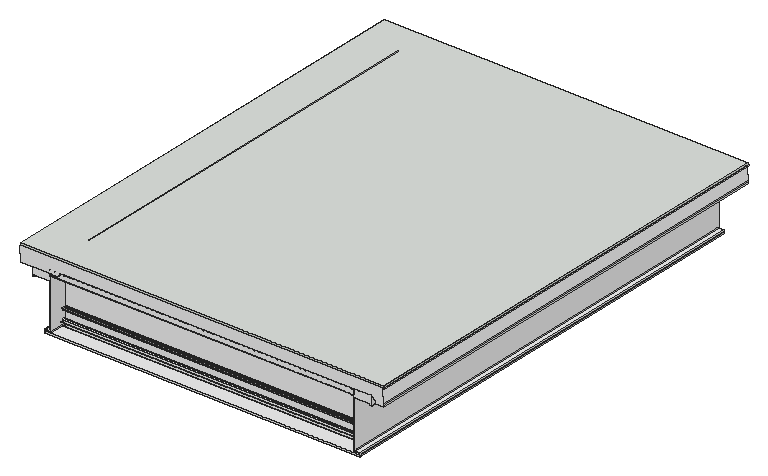
Revit family "Furniture-Mirrored_Cabinet-KOHLER-Verdera-K-99007", category Specialty Equipment, host Face, Revit 2015
Parameters (values of type "NA-Anondized Aluminum")
  Width = 24"  # constant formula
  Wall Cut Width [instance] = if(Recessed Installation, 22 1/2", 1")  # 22 1/2"
  Wall Cut Length [instance] = if(Recessed Installation, 3 11/16", 1")  # 3 11/16"
  Wall Cut Height [instance] = if(Recessed Installation, 28 1/4", 1")  # 28 1/4"
  URL = "https://www.us.kohler.com/us/"
  Type = 1
  Surface Panel [instance] = or(Surface Installation)  # no
  Surface Installation [instance] = not(Recessed Installation)  # no
  Recessed Installation [instance] = yes
  Product Page URL = "http://www.us.kohler.com/us/catalog/productDetails.jsp?productNumber=99007"
  Product Name = "Verdera"  # constant formula
  Product Documentation Link = "http://www.us.kohler.com/onlinecatalog/pdf/K-99007_spec.pdf"
  Mounting Depth [instance] = if(Recessed Installation, 0", 3 11/16")  # 0"
  Model = if(Type = 1, "K-99007-NA", if(Type = 2, "K-99007-SCF-NA", "NA"))  # "K-99007-NA"
  Material = "Anodized Aluminum Construction"  # constant formula
  MasterFormat 2004 = "10.28.13"  # constant formula
  MasterFormat 1995 = "10820"  # constant formula
  Manufacturer Address = "444 Highland Dr, Kohler, WI 53044"  # constant formula
  Manufacturer = "KOHLER Co."  # constant formula
  Length [instance] = if(Recessed Installation, 1 1/4", 4 3/4")  # 1 1/4"
  Height = 30"  # constant formula
  Finish = Kohler-Metal-NA-Anodized_Aluminum
  Environmental Product Declaration = ""
  Description = if(or(Type = 1), "24 inches W x 30 inches H aluminum medicine cabinet with adjustable magnifying mirror and slow-close door", if(or(Type = 2), "Aluminum medicine cabinet with adjustable flip-out flat mirror, 24 inches W x 30 inches H", "NA"))  # "24 inches W x 30 inches H aluminum medicine cabinet with adjustable magnifying mirror and slow-close door"
  Default Elevation = 42"
  Declare Label = ""
  Date Modified = "9/21/2018"  # constant formula
  Date Created = "MM/DD/YYYY"  # constant formula
  Copyright = "Copyright KOHLER Co."  # constant formula
  Contact Us = "https://www.us.kohler.com/us/static/contact.jsp"
  Assembly Code = "C1030200"
  ADA Compliant = 1 = 0  # no
Types (3): name | Type | Product Page URL | Product Documentation Link | Model | Description
  (no name) | 1 | "http://www.us.kohler.com/us/catalog/productDetails.jsp?productNumber=99007" | "http://www.us.kohler.com/onlinecatalog/pdf/K-99007_spec.pdf" | "K-99007-NA" | "24 inches W x 30 inches H aluminum medicine cabinet with adjustable magnifying mirror and slow-close door"
  NA-Anondized Aluminum | 1 | "http://www.us.kohler.com/us/catalog/productDetails.jsp?productNumber=99007" | "http://www.us.kohler.com/onlinecatalog/pdf/K-99007_spec.pdf" | "K-99007-NA" | "24 inches W x 30 inches H aluminum medicine cabinet with adjustable magnifying mirror and slow-close door"
  Flip out mirror, NA-Anondized Aluminum | 2 | "http://www.us.kohler.com/us/catalog/productDetails.jsp?productNumber=99007-SCF" | "http://www.us.kohler.com/onlinecatalog/pdf/K-99007-SCF_spec.pdf" | "K-99007-SCF-NA" | "Aluminum medicine cabinet with adjustable flip-out flat mirror, 24 inches W x 30 inches H"
Reference planes (in)
  plane 1 "Center (Front/Back)": y = 0
  plane 2: z = 0
  plane 3 "Center (Left/Right)": x = 0
  plane 4: y = 15
  plane 5: y = -15
  plane 6: x = -11.99882
  plane 7: x = 12.00118
  plane 8: x = -0.5
  plane 9: x = -11.25
  plane 10: x = 11.25
  plane 11: y = 14.125
  plane 12: y = -14.125
  plane 13: z = 0
  plane 14: z = -3.6875
  plane 15: z = 1.25
  plane 16: z = 0
Forms (in)
  Extrusion 1, void
    sketch origin (0, 0, 0) x (1, 0, 0) y (0, 1, 0)
      loop
        line (-11.25, 14.125) -> (-11.25, -14.125) -> (11.25, -14.125) -> (11.25, 14.125) -> (-11.25, 14.125)
    from -3.6875 to 0
Dimensions and locks (in)
  "Height": plane 4 to plane 5
  "Width": plane 6 to plane 7
  "Mounting Depth": plane 13 to level
  "Wall Cut Length": level to plane 14
  equal spacing: plane 9, plane 3 "Center (Left/Right)", plane 10
  "Wall Cut Width": plane 9 to plane 10
  "Length": level to plane 15
  equal spacing: plane 11, plane 1 "Center (Front/Back)", plane 12
  "Wall Cut Height": plane 12 to plane 11
  plane 15 to level = 1 1/4"
  plane 15 to plane 13 = 1 1/4"
  plane 16 to plane 15 = 1 1/4"
  aligned and locked: plane 2 to host face
  aligned and locked: level to host face
  aligned and locked: Extrusion 1 sketch curve to plane 12
  aligned and locked: plane 10 to Extrusion 1 sketch curve
  aligned and locked: plane 9 to Extrusion 1 sketch curve
  aligned and locked: Extrusion 1 sketch curve to plane 11
  aligned and locked: plane 15 to nested 1
Automatic sketch dimensions
  host sketch curve to host sketch curve = 96"  (x2)
Nested families (in)
  nested 1: "K-99007" at (0.00118, 0, -3.5), type "K-99003-SCF"
    with Mounting Depth 3 11/16"
Definition of nested family "K-99007"
  Parameters (values of type "K-99003-SCF")
    Surface Panel = yes
    Recessed Installation = yes
    Mounting Depth [instance] = if(Recessed Installation, 3 11/16", 0")  # 3 11/16"
    Mirror Material = none
    Material = none
  Reference planes (in)
    plane 1 "Center (Front/Back)": y = 0
    plane 2: z = 0
    plane 3 "Center (Left/Right)": x = 0
    plane 4: z = 0
    plane 5 "C": z = 4.75
    plane 6: x = -12
    plane 7: y = 15
    plane 8: x = -11.1875
    plane 9: x = 11.1875
    plane 10: z = 3.6875
    plane 11: x = 12
    plane 12: z = 3.5
  Forms (in)
    Extrusion 1, solid, material <- "Mirror Material", detail levels medium+fine
      sketch origin (0, 0, -0.4375) x (-1, 0, 0) y (0, 0, 1)
        loop
          line (-12, 5.17186) -> (-12, 5.08186) -> (-11.97294, 5.06686) -> (11.97294, 5.06686) -> (12, 5.08186) -> (12, 5.17186) -> (11.97178, 5.1875) -> (-11.97178, 5.1875) -> (-12, 5.17186)
      from -15 to 15
    Extrusion 2, solid, material <- "Material", detail levels medium+fine
      sketch origin (0, 0, -0.4375) x (-1, 0, 0) y (0, 0, 1)
        loop
          line (-12, 5.04422) -> (-12, 5.01022)
          arc (-12, 5.01022) -> (-11.98702, 5.00142) -> (-11.97211, 4.99654) r 0.05645
          line (-11.97211, 4.99654) -> (-11.92163, 4.98139)
          arc (-11.92163, 4.98139) -> (-11.88993, 4.95859) -> (-11.87899, 4.92111) r 0.05994
          arc (-11.87899, 4.92111) -> (-11.91797, 4.51003) -> (-11.99508, 4.10438) r 4.4261
          arc (-11.99508, 4.10438) -> (-11.9985, 4.07294) -> (-11.97972, 4.0475) r 0.04349
          line (-11.97972, 4.0475) -> (-11.94819, 4.0475) -> (-11.94819, 4.01616)
          arc (-11.94819, 4.01616) -> (-11.94671, 3.97672) -> (-11.94229, 3.9375) r 0.52684
          line (-11.94229, 3.9375) -> (-11.45421, 3.9375)
          arc (-11.45421, 3.9375) -> (-11.44979, 3.97672) -> (-11.44831, 4.01616) r 0.52684
          line (-11.44831, 4.01616) -> (-11.44831, 4.0475)
          arc (-11.44831, 4.0475) -> (-11.43111, 4.04999) -> (-11.41603, 4.05861) r 0.04657
          line (-11.41603, 4.05861) -> (-11.07773, 4.30563)
          arc (-11.07773, 4.30563) -> (-11.06288, 4.3097) -> (-11.04781, 4.31286) r 0.25083
          line (-11.04781, 4.31286) -> (9.2602, 4.31286)
          arc (9.2602, 4.31286) -> (9.27536, 4.30945) -> (9.28993, 4.30407) r 0.11699
          line (9.28993, 4.30407) -> (9.51069, 4.08331)
          arc (9.51069, 4.08331) -> (9.52263, 4.07198) -> (9.53857, 4.06786) r 0.03288
          line (9.53857, 4.06786) -> (11.97, 4.06786)
          arc (11.97, 4.06786) -> (11.99121, 4.07665) -> (12, 4.09786) r 0.03
          line (12, 4.09786) -> (12, 5.04256)
          arc (12, 5.04256) -> (11.98767, 5.0534) -> (11.97179, 5.05756) r 0.03565
          arc (11.97179, 5.05756) -> (11.95406, 5.06079) -> (11.93709, 5.06686) r 0.11032
          line (11.93709, 5.06686) -> (-11.93834, 5.06686)
          arc (-11.93834, 5.06686) -> (-11.95531, 5.06079) -> (-11.97304, 5.05756) r 0.11032
          arc (-11.97304, 5.05756) -> (-11.988, 5.05387) -> (-12, 5.04422) r 0.03565
      from -15 to 15
    Extrusion 3, solid, material <- "Material", detail levels coarse
      sketch origin (0, 0, 0) x (1, 0, 0) y (0, 1, 0)
        loop
          line (-12, -15) -> (12, -15) -> (12, 15) -> (-12, 15) -> (-12, -15)
      from 0 to 4.60506
    Extrusion 4, solid, material <- "Material", detail levels medium+fine
      sketch origin (5.76081, 0, 0.00003) x (-1, 0, 0) y (0, 0, -1)
        loop
          arc (16.8534, -3.12281) -> (16.83943, -3.1286) -> (16.83365, -3.14256) r 0.01975
          line (16.83365, -3.14256) -> (16.83365, -3.17481)
          arc (16.83365, -3.17481) -> (16.84109, -3.18854) -> (16.85665, -3.18981) r 0.01639
          arc (16.85665, -3.18981) -> (16.87153, -3.19952) -> (16.85665, -3.20922) r 0.0106
          line (16.85665, -3.20922) -> (15.83595, -3.20922)
          arc (15.83595, -3.20922) -> (15.82208, -3.20347) -> (15.81634, -3.1896) r 0.01962
          line (15.81634, -3.1896) -> (15.81634, -0.22884) -> (16.17571, -0.22884) -> (16.17571, -0.02757)
          arc (16.17571, -0.02757) -> (16.14811, 0.00003) -> (16.1205, -0.02757) r 0.02761
          line (16.1205, -0.02757) -> (16.1205, -0.16678)
          arc (16.1205, -0.16678) -> (16.11443, -0.18135) -> (16.09983, -0.1873) r 0.02052
          line (16.09983, -0.1873) -> (15.7825, -0.18484)
          arc (15.7825, -0.18484) -> (15.7625, -0.16484) -> (15.7425, -0.18484) r 0.02
          line (15.7425, -0.18484) -> (15.7425, -3.63031) -> (16.92836, -3.63031)
          arc (16.92836, -3.63031) -> (16.94242, -3.62448) -> (16.94824, -3.61042) r 0.01988
          line (16.94824, -3.61042) -> (16.94824, -3.14253)
          arc (16.94824, -3.14253) -> (16.94247, -3.12859) -> (16.92852, -3.12281) r 0.01972
          line (16.92852, -3.12281) -> (16.8534, -3.12281)
        loop
          line (-5.33178, -3.27906) -> (-5.40691, -3.27906)
          arc (-5.40691, -3.27906) -> (-5.42085, -3.28484) -> (-5.42663, -3.29878) r 0.01972
          line (-5.42663, -3.29878) -> (-5.42663, -3.78799) -> (-5.31692, -3.86809)
          arc (-5.31692, -3.86809) -> (-5.30207, -3.87217) -> (-5.287, -3.87533) r 0.25083
          line (-5.287, -3.87533) -> (-4.22089, -3.87533) -> (-4.22089, -0.18484)
          arc (-4.22089, -0.18484) -> (-4.24089, -0.16484) -> (-4.26089, -0.18484) r 0.02
          line (-4.26089, -0.18484) -> (-4.57821, -0.1873)
          arc (-4.57821, -0.1873) -> (-4.59282, -0.18135) -> (-4.59889, -0.16678) r 0.02052
          line (-4.59889, -0.16678) -> (-4.59889, -0.02757)
          arc (-4.59889, -0.02757) -> (-4.62649, 0.00003) -> (-4.6541, -0.02757) r 0.02761
          line (-4.6541, -0.02757) -> (-4.6541, -0.22884) -> (-4.29472, -0.22884) -> (-4.29472, -3.34585)
          arc (-4.29472, -3.34585) -> (-4.30047, -3.35972) -> (-4.31434, -3.36547) r 0.01962
          line (-4.31434, -3.36547) -> (-5.33503, -3.36547)
          arc (-5.33503, -3.36547) -> (-5.34991, -3.35577) -> (-5.33503, -3.34606) r 0.0106
          arc (-5.33503, -3.34606) -> (-5.31947, -3.34479) -> (-5.31203, -3.33106) r 0.01639
          line (-5.31203, -3.33106) -> (-5.31203, -3.29881)
          arc (-5.31203, -3.29881) -> (-5.31782, -3.28485) -> (-5.33178, -3.27906) r 0.01975
      from -15 to 15
    Extrusion 5, solid, material <- "Material", detail levels medium+fine
      sketch origin (-0.02159, -0.03401, 0.00007) x (0, 1, 0) y (0, 0, 1)
        loop
          line (-14.06268, 0.56917) -> (-14.06268, 0.38789)
          arc (-14.06268, 0.38789) -> (-14.06111, 0.36911) -> (-14.04773, 0.35584) r 0.02726
          line (-14.04773, 0.35584) -> (-14.01073, 0.35563)
          arc (-14.01073, 0.35563) -> (-13.99761, 0.36649) -> (-13.99536, 0.38337) r 0.02334
          line (-13.99536, 0.38337) -> (-13.99536, 0.42312)
          arc (-13.99536, 0.42312) -> (-13.98944, 0.43718) -> (-13.97532, 0.44294) r 0.01993
          line (-13.97532, 0.44294) -> (-13.78763, 0.44189)
          arc (-13.78763, 0.44189) -> (-13.7741, 0.43425) -> (-13.76463, 0.42193) r 0.03888
          arc (-13.76463, 0.42193) -> (-13.74315, 0.38699) -> (-13.71529, 0.35689) r 0.21019
          arc (-13.71529, 0.35689) -> (-13.71123, 0.34022) -> (-13.72539, 0.33054) r 0.01508
          line (-13.72539, 0.33054) -> (-13.85945, 0.33129)
          arc (-13.85945, 0.33129) -> (-13.90227, 0.31383) -> (-13.9202, 0.27121) r 0.06042
          line (-13.9202, 0.27121) -> (-13.9211, 0.10981)
          arc (-13.9211, 0.10981) -> (-13.91912, 0.09119) -> (-13.90628, 0.07755) r 0.02937
          line (-13.90628, 0.07755) -> (-13.87476, 0.07737)
          arc (-13.87476, 0.07737) -> (-13.86025, 0.08329) -> (-13.85417, 0.09773) r 0.02047
          line (-13.85417, 0.09773) -> (-13.85336, 0.24319)
          arc (-13.85336, 0.24319) -> (-13.84711, 0.25805) -> (-13.83218, 0.26414) r 0.02106
          line (-13.83218, 0.26414) -> (-13.54153, 0.26251)
          arc (-13.54153, 0.26251) -> (-13.50258, 0.24251) -> (-13.46063, 0.25507) r 0.05864
          arc (-13.46063, 0.25507) -> (-13.47693, 0.30567) -> (-13.52326, 0.33172) r 0.07284
          arc (-13.52326, 0.33172) -> (-13.67768, 0.41572) -> (-13.73859, 0.58062) r 0.24991
          line (-13.73859, 0.58062) -> (-13.72035, 3.85172)
          arc (-13.72035, 3.85172) -> (-13.72717, 3.86838) -> (-13.74379, 3.87529) r 0.02344
          line (-13.74379, 3.87529) -> (-14.94161, 3.87529)
          arc (-14.94161, 3.87529) -> (-14.95692, 3.86897) -> (-14.96332, 3.8537) r 0.02171
          line (-14.96332, 3.8537) -> (-14.96519, 3.5189)
          arc (-14.96519, 3.5189) -> (-14.95929, 3.50445) -> (-14.9449, 3.49839) r 0.0204
          line (-14.9449, 3.49839) -> (-14.83269, 3.49777)
          arc (-14.83269, 3.49777) -> (-14.8184, 3.50359) -> (-14.81242, 3.51782) r 0.02017
          line (-14.81242, 3.51782) -> (-14.81242, 3.54869)
          arc (-14.81242, 3.54869) -> (-14.82167, 3.56282) -> (-14.83834, 3.56552) r 0.02093
          arc (-14.83834, 3.56552) -> (-14.84852, 3.57865) -> (-14.84999, 3.5952) r 0.02951
          line (-14.84999, 3.5952) -> (-14.84934, 3.711)
          arc (-14.84934, 3.711) -> (-14.84345, 3.72501) -> (-14.82937, 3.73075) r 0.01986
          line (-14.82937, 3.73075) -> (-13.80857, 3.72506)
          arc (-13.80857, 3.72506) -> (-13.79423, 3.71903) -> (-13.78836, 3.70462) r 0.02032
          line (-13.78836, 3.70462) -> (-13.79081, 3.26529)
          arc (-13.79081, 3.26529) -> (-13.79945, 3.25134) -> (-13.81581, 3.25268) r 0.01572
          arc (-13.81581, 3.25268) -> (-13.83347, 3.25683) -> (-13.85155, 3.25829) r 0.121
          arc (-13.85155, 3.25829) -> (-13.88457, 3.25389) -> (-13.91514, 3.24064) r 0.121
          line (-13.91514, 3.24064) -> (-14.01314, 3.24119)
          arc (-14.01314, 3.24119) -> (-14.04683, 3.20788) -> (-14.01352, 3.17419) r 0.0335
          line (-14.01352, 3.17419) -> (-13.90002, 3.17356)
          arc (-13.90002, 3.17356) -> (-13.87875, 3.19111) -> (-13.85189, 3.19729) r 0.06
          arc (-13.85189, 3.19729) -> (-13.79841, 3.16383) -> (-13.80442, 3.10102) r 0.06
          arc (-13.80442, 3.10102) -> (-13.82569, 3.08348) -> (-13.85256, 3.07729) r 0.06
          arc (-13.85256, 3.07729) -> (-13.86854, 3.07955) -> (-13.88334, 3.08599) r 0.06
          arc (-13.88334, 3.08599) -> (-13.92523, 3.07573) -> (-13.91498, 3.03384) r 0.0305
          arc (-13.91498, 3.03384) -> (-13.88513, 3.02085) -> (-13.8529, 3.01629) r 0.121
          arc (-13.8529, 3.01629) -> (-13.83356, 3.01774) -> (-13.81471, 3.02225) r 0.121
          arc (-13.81471, 3.02225) -> (-13.79977, 3.01988) -> (-13.79295, 3.00637) r 0.01661
          line (-13.79295, 3.00637) -> (-13.80264, 1.26823)
          arc (-13.80264, 1.26823) -> (-13.80977, 1.25444) -> (-13.82513, 1.25212) r 0.01708
          arc (-13.82513, 1.25212) -> (-13.84367, 1.25671) -> (-13.8627, 1.25832) r 0.121
          arc (-13.8627, 1.25832) -> (-13.89715, 1.25351) -> (-13.92881, 1.2391) r 0.121
          line (-13.92881, 1.2391) -> (-14.02431, 1.23964)
          arc (-14.02431, 1.23964) -> (-14.05799, 1.20632) -> (-14.02468, 1.17264) r 0.0335
          line (-14.02468, 1.17264) -> (-13.91233, 1.17201)
          arc (-13.91233, 1.17201) -> (-13.89078, 1.1907) -> (-13.86304, 1.19732) r 0.06
          arc (-13.86304, 1.19732) -> (-13.81, 1.16473) -> (-13.81442, 1.10263) r 0.06
          arc (-13.81442, 1.10263) -> (-13.83597, 1.08395) -> (-13.86371, 1.07732) r 0.06
          arc (-13.86371, 1.07732) -> (-13.87903, 1.0794) -> (-13.89332, 1.08533) r 0.06
          arc (-13.89332, 1.08533) -> (-13.93497, 1.07412) -> (-13.92376, 1.03247) r 0.0305
          arc (-13.92376, 1.03247) -> (-13.89495, 1.02052) -> (-13.86405, 1.01632) r 0.121
          arc (-13.86405, 1.01632) -> (-13.84493, 1.01774) -> (-13.82628, 1.02215) r 0.121
          arc (-13.82628, 1.02215) -> (-13.81105, 1.01968) -> (-13.80411, 1.0059) r 0.01697
          line (-13.80411, 1.0059) -> (-13.80675, 0.53085)
          arc (-13.80675, 0.53085) -> (-13.81324, 0.51543) -> (-13.82873, 0.50912) r 0.02185
          line (-13.82873, 0.50912) -> (-13.97484, 0.50993)
          arc (-13.97484, 0.50993) -> (-13.98897, 0.51588) -> (-13.99476, 0.53008) r 0.02003
          line (-13.99476, 0.53008) -> (-13.99476, 0.57519)
          arc (-13.99476, 0.57519) -> (-13.99604, 0.59035) -> (-14.00939, 0.59763) r 0.01604
          line (-14.00939, 0.59763) -> (-14.04638, 0.59784)
          arc (-14.04638, 0.59784) -> (-14.06034, 0.5868) -> (-14.06268, 0.56917) r 0.0237
      from -10.00724 to 10.00328
    Extrusion 6, solid, material <- "Material", detail levels medium+fine
      sketch origin (0.03007, 0.09415, 0.00007) x (0, -1, 0) y (0, 0, -1)
        loop
          arc (-14.06268, -0.56917) -> (-14.06034, -0.5868) -> (-14.04638, -0.59784) r 0.0237
          line (-14.04638, -0.59784) -> (-14.00939, -0.59763)
          arc (-14.00939, -0.59763) -> (-13.99604, -0.59035) -> (-13.99476, -0.57519) r 0.01604
          line (-13.99476, -0.57519) -> (-13.99476, -0.53008)
          arc (-13.99476, -0.53008) -> (-13.98897, -0.51588) -> (-13.97484, -0.50993) r 0.02003
          line (-13.97484, -0.50993) -> (-13.82873, -0.50912)
          arc (-13.82873, -0.50912) -> (-13.81324, -0.51543) -> (-13.80675, -0.53085) r 0.02185
          line (-13.80675, -0.53085) -> (-13.80411, -1.0059)
          arc (-13.80411, -1.0059) -> (-13.81105, -1.01968) -> (-13.82628, -1.02215) r 0.01697
          arc (-13.82628, -1.02215) -> (-13.84493, -1.01774) -> (-13.86405, -1.01632) r 0.121
          arc (-13.86405, -1.01632) -> (-13.89495, -1.02052) -> (-13.92376, -1.03247) r 0.121
          arc (-13.92376, -1.03247) -> (-13.93497, -1.07412) -> (-13.89332, -1.08533) r 0.0305
          arc (-13.89332, -1.08533) -> (-13.87903, -1.0794) -> (-13.86371, -1.07732) r 0.06
          arc (-13.86371, -1.07732) -> (-13.83597, -1.08395) -> (-13.81442, -1.10263) r 0.06
          arc (-13.81442, -1.10263) -> (-13.81, -1.16473) -> (-13.86304, -1.19732) r 0.06
          arc (-13.86304, -1.19732) -> (-13.89078, -1.1907) -> (-13.91233, -1.17201) r 0.06
          line (-13.91233, -1.17201) -> (-14.02468, -1.17264)
          arc (-14.02468, -1.17264) -> (-14.05799, -1.20632) -> (-14.02431, -1.23964) r 0.0335
          line (-14.02431, -1.23964) -> (-13.92881, -1.2391)
          arc (-13.92881, -1.2391) -> (-13.89715, -1.25351) -> (-13.8627, -1.25832) r 0.121
          arc (-13.8627, -1.25832) -> (-13.84367, -1.25671) -> (-13.82513, -1.25212) r 0.121
          arc (-13.82513, -1.25212) -> (-13.80977, -1.25444) -> (-13.80264, -1.26823) r 0.01708
          line (-13.80264, -1.26823) -> (-13.79295, -3.00637)
          arc (-13.79295, -3.00637) -> (-13.79977, -3.01988) -> (-13.81471, -3.02225) r 0.01661
          arc (-13.81471, -3.02225) -> (-13.83356, -3.01774) -> (-13.8529, -3.01629) r 0.121
          arc (-13.8529, -3.01629) -> (-13.88513, -3.02085) -> (-13.91498, -3.03384) r 0.121
          arc (-13.91498, -3.03384) -> (-13.92523, -3.07573) -> (-13.88334, -3.08599) r 0.0305
          arc (-13.88334, -3.08599) -> (-13.86854, -3.07955) -> (-13.85256, -3.07729) r 0.06
          arc (-13.85256, -3.07729) -> (-13.82569, -3.08348) -> (-13.80442, -3.10102) r 0.06
          arc (-13.80442, -3.10102) -> (-13.79841, -3.16383) -> (-13.85189, -3.19729) r 0.06
          arc (-13.85189, -3.19729) -> (-13.87875, -3.19111) -> (-13.90002, -3.17356) r 0.06
          line (-13.90002, -3.17356) -> (-14.01352, -3.17419)
          arc (-14.01352, -3.17419) -> (-14.04683, -3.20788) -> (-14.01314, -3.24119) r 0.0335
          line (-14.01314, -3.24119) -> (-13.91514, -3.24064)
          arc (-13.91514, -3.24064) -> (-13.88457, -3.25389) -> (-13.85155, -3.25829) r 0.121
          arc (-13.85155, -3.25829) -> (-13.83347, -3.25683) -> (-13.81581, -3.25268) r 0.121
          arc (-13.81581, -3.25268) -> (-13.79945, -3.25134) -> (-13.79081, -3.26529) r 0.01572
          line (-13.79081, -3.26529) -> (-13.78836, -3.70462)
          arc (-13.78836, -3.70462) -> (-13.79423, -3.71903) -> (-13.80857, -3.72506) r 0.02032
          line (-13.80857, -3.72506) -> (-14.82937, -3.73075)
          arc (-14.82937, -3.73075) -> (-14.84345, -3.72501) -> (-14.84934, -3.711) r 0.01986
          line (-14.84934, -3.711) -> (-14.84999, -3.5952)
          arc (-14.84999, -3.5952) -> (-14.84852, -3.57865) -> (-14.83834, -3.56552) r 0.02951
          arc (-14.83834, -3.56552) -> (-14.82167, -3.56282) -> (-14.81242, -3.54869) r 0.02093
          line (-14.81242, -3.54869) -> (-14.81242, -3.51782)
          arc (-14.81242, -3.51782) -> (-14.8184, -3.50359) -> (-14.83269, -3.49777) r 0.02017
          line (-14.83269, -3.49777) -> (-14.88559, -3.49806)
          arc (-14.88559, -3.49806) -> (-14.89998, -3.50412) -> (-14.90588, -3.51857) r 0.0204
          line (-14.90588, -3.51857) -> (-14.90399, -3.85638)
          arc (-14.90399, -3.85638) -> (-14.89759, -3.87166) -> (-14.88228, -3.87797) r 0.02171
          line (-14.88228, -3.87797) -> (-13.74293, -3.87797)
          arc (-13.74293, -3.87797) -> (-13.72631, -3.87106) -> (-13.71949, -3.8544) r 0.02344
          line (-13.71949, -3.8544) -> (-13.73775, -0.58061)
          arc (-13.73775, -0.58061) -> (-13.67684, -0.41571) -> (-13.52241, -0.33171) r 0.24991
          arc (-13.52241, -0.33171) -> (-13.47631, -0.30594) -> (-13.45974, -0.25579) r 0.07284
          arc (-13.45974, -0.25579) -> (-13.50201, -0.24246) -> (-13.54153, -0.26251) r 0.05864
          line (-13.54153, -0.26251) -> (-13.83218, -0.26414)
          arc (-13.83218, -0.26414) -> (-13.84711, -0.25805) -> (-13.85336, -0.24319) r 0.02106
          line (-13.85336, -0.24319) -> (-13.85417, -0.09773)
          arc (-13.85417, -0.09773) -> (-13.86025, -0.08329) -> (-13.87476, -0.07737) r 0.02047
          line (-13.87476, -0.07737) -> (-13.90628, -0.07755)
          arc (-13.90628, -0.07755) -> (-13.91912, -0.09119) -> (-13.9211, -0.10981) r 0.02937
          line (-13.9211, -0.10981) -> (-13.9202, -0.27121)
          arc (-13.9202, -0.27121) -> (-13.90227, -0.31383) -> (-13.85945, -0.33129) r 0.06042
          line (-13.85945, -0.33129) -> (-13.72539, -0.33054)
          arc (-13.72539, -0.33054) -> (-13.71123, -0.34022) -> (-13.71529, -0.35689) r 0.01508
          arc (-13.71529, -0.35689) -> (-13.74315, -0.38699) -> (-13.76463, -0.42193) r 0.21019
          arc (-13.76463, -0.42193) -> (-13.7741, -0.43425) -> (-13.78763, -0.44189) r 0.03888
          line (-13.78763, -0.44189) -> (-13.97532, -0.44294)
          arc (-13.97532, -0.44294) -> (-13.98944, -0.43718) -> (-13.99536, -0.42312) r 0.01993
          line (-13.99536, -0.42312) -> (-13.99536, -0.38337)
          arc (-13.99536, -0.38337) -> (-13.99761, -0.36649) -> (-14.01073, -0.35563) r 0.02334
          line (-14.01073, -0.35563) -> (-14.04773, -0.35584)
          arc (-14.04773, -0.35584) -> (-14.06111, -0.36911) -> (-14.06268, -0.38789) r 0.02726
          line (-14.06268, -0.38789) -> (-14.06268, -0.56917)
      from -10.03394 to 9.95163
    Extrusion 7, solid, material <- "Material", detail levels medium+fine
      sketch origin (0.07137, 0, 0) x (0, 1, 0) y (0, 0, 1)
        loop
          line (15, 0) -> (15, 0.11176) -> (-15, 0.11176) -> (-15, 0) -> (15, 0)
      from -10.48628 to 10.34353
    Extrusion 8, solid, material <- "Material", visible <- "Surface Panel", detail levels medium+fine
      sketch origin (0, 0, 0) x (1, 0, 0) y (0, 0, 1)
        loop
          line (11.18743, 3.2791) -> (11.09259, 3.2791) -> (11.09259, 3.0291) -> (10.26191, 3.0291) -> (10.26191, 0.47887) -> (11.01191, 0.47887) -> (11.01191, 0) -> (11.18743, 0) -> (11.18743, 3.2791)
        loop
          line (-11.18743, 3.12285) -> (-11.18743, 0) -> (-11.01191, 0) -> (-11.01191, 0.47887) -> (-10.26191, 0.47887) -> (-10.26191, 3.0291) -> (-11.09259, 3.0291) -> (-11.09259, 3.12285) -> (-11.18743, 3.12285)
      from -15 to 15
    Extrusion 9, solid, detail levels coarse
      sketch origin (0, 0, 0) x (1, 0, 0) y (0, 1, 0)
        loop
          line (-12, -15) -> (12, -15) -> (12, 15) -> (-12, 15) -> (-12, -15)
      from 4.60506 to 4.75
  Lines and regions (in)
    Masking region 1
      outline origin (0, 0, 0) x (0, 1, 0) y (0, 0, 1)
        loop
          line (15, 4.75) -> (-15, 4.75) -> (-15, 3.52102)
          arc (-15, 3.52102) -> (-14.99378, 3.50609) -> (-14.97879, 3.5) r 0.02102
          line (-14.97879, 3.5) -> (-14.8663, 3.5)
          arc (-14.8663, 3.5) -> (-14.85201, 3.50583) -> (-14.84602, 3.52005) r 0.02017
          line (-14.84602, 3.52005) -> (-14.84602, 3.55088)
          arc (-14.84602, 3.55088) -> (-14.8547, 3.56578) -> (-14.87194, 3.56559) r 0.01714
          arc (-14.87194, 3.56559) -> (-14.88212, 3.57873) -> (-14.88359, 3.59527) r 0.02951
          line (-14.88359, 3.59527) -> (-14.88294, 3.71107)
          arc (-14.88294, 3.71107) -> (-14.87705, 3.72508) -> (-14.86297, 3.73082) r 0.01986
          line (-14.86297, 3.73082) -> (-13.84217, 3.72513)
          arc (-13.84217, 3.72513) -> (-13.82784, 3.7191) -> (-13.82196, 3.70469) r 0.02032
          line (-13.82196, 3.70469) -> (-13.82441, 3.26536)
          arc (-13.82441, 3.26536) -> (-13.83305, 3.25141) -> (-13.84941, 3.25275) r 0.01572
          arc (-13.84941, 3.25275) -> (-13.86707, 3.2569) -> (-13.88515, 3.25836) r 0.121
          arc (-13.88515, 3.25836) -> (-13.91817, 3.25396) -> (-13.94875, 3.24072) r 0.121
          line (-13.94875, 3.24072) -> (-14.04675, 3.24126)
          arc (-14.04675, 3.24126) -> (-14.08043, 3.20795) -> (-14.04712, 3.17426) r 0.0335
          line (-14.04712, 3.17426) -> (-13.93362, 3.17363)
          arc (-13.93362, 3.17363) -> (-13.91236, 3.19118) -> (-13.88549, 3.19736) r 0.06
          arc (-13.88549, 3.19736) -> (-13.83201, 3.1639) -> (-13.83803, 3.1011) r 0.06
          arc (-13.83803, 3.1011) -> (-13.85929, 3.08355) -> (-13.88616, 3.07736) r 0.06
          arc (-13.88616, 3.07736) -> (-13.90214, 3.07962) -> (-13.91694, 3.08606) r 0.06
          arc (-13.91694, 3.08606) -> (-13.95884, 3.0758) -> (-13.94858, 3.03391) r 0.0305
          arc (-13.94858, 3.03391) -> (-13.91873, 3.02092) -> (-13.8865, 3.01636) r 0.121
          arc (-13.8865, 3.01636) -> (-13.86717, 3.01781) -> (-13.84831, 3.02232) r 0.121
          arc (-13.84831, 3.02232) -> (-13.83337, 3.01995) -> (-13.82655, 3.00644) r 0.01661
          line (-13.82655, 3.00644) -> (-13.83625, 1.2683)
          arc (-13.83625, 1.2683) -> (-13.84338, 1.25451) -> (-13.85873, 1.25219) r 0.01708
          arc (-13.85873, 1.25219) -> (-13.87727, 1.25678) -> (-13.8963, 1.25839) r 0.121
          arc (-13.8963, 1.25839) -> (-13.93075, 1.25358) -> (-13.96241, 1.23918) r 0.121
          line (-13.96241, 1.23918) -> (-14.05791, 1.23971)
          arc (-14.05791, 1.23971) -> (-14.09159, 1.2064) -> (-14.05828, 1.17271) r 0.0335
          line (-14.05828, 1.17271) -> (-13.94593, 1.17208)
          arc (-13.94593, 1.17208) -> (-13.92438, 1.19077) -> (-13.89664, 1.19739) r 0.06
          arc (-13.89664, 1.19739) -> (-13.8436, 1.1648) -> (-13.84802, 1.10271) r 0.06
          arc (-13.84802, 1.10271) -> (-13.86957, 1.08402) -> (-13.89731, 1.0774) r 0.06
          arc (-13.89731, 1.0774) -> (-13.91264, 1.07947) -> (-13.92692, 1.0854) r 0.06
          arc (-13.92692, 1.0854) -> (-13.96857, 1.07419) -> (-13.95736, 1.03254) r 0.0305
          arc (-13.95736, 1.03254) -> (-13.92856, 1.02059) -> (-13.89765, 1.0164) r 0.121
          arc (-13.89765, 1.0164) -> (-13.87854, 1.01781) -> (-13.85988, 1.02222) r 0.121
          arc (-13.85988, 1.02222) -> (-13.84465, 1.01975) -> (-13.83771, 1.00597) r 0.01697
          line (-13.83771, 1.00597) -> (-13.84036, 0.53092)
          arc (-13.84036, 0.53092) -> (-13.84684, 0.51551) -> (-13.86233, 0.50919) r 0.02185
          line (-13.86233, 0.50919) -> (-14.00845, 0.51001)
          arc (-14.00845, 0.51001) -> (-14.02258, 0.51595) -> (-14.02836, 0.53015) r 0.02003
          line (-14.02836, 0.53015) -> (-14.02836, 0.57526)
          arc (-14.02836, 0.57526) -> (-14.02964, 0.59042) -> (-14.04299, 0.5977) r 0.01604
          line (-14.04299, 0.5977) -> (-14.07999, 0.59791)
          arc (-14.07999, 0.59791) -> (-14.09394, 0.58687) -> (-14.09628, 0.56924) r 0.0237
          line (-14.09628, 0.56924) -> (-14.09628, 0.38796)
          arc (-14.09628, 0.38796) -> (-14.09471, 0.36918) -> (-14.08134, 0.35591) r 0.02726
          line (-14.08134, 0.35591) -> (-14.04434, 0.3557)
          arc (-14.04434, 0.3557) -> (-14.03122, 0.36656) -> (-14.02896, 0.38344) r 0.02334
          line (-14.02896, 0.38344) -> (-14.02896, 0.42319)
          arc (-14.02896, 0.42319) -> (-14.02305, 0.43725) -> (-14.00892, 0.44301) r 0.01993
          line (-14.00892, 0.44301) -> (-13.82123, 0.44196)
          arc (-13.82123, 0.44196) -> (-13.8077, 0.43433) -> (-13.79824, 0.422) r 0.03888
          arc (-13.79824, 0.422) -> (-13.77675, 0.38706) -> (-13.74889, 0.35696) r 0.21019
          arc (-13.74889, 0.35696) -> (-13.74483, 0.34029) -> (-13.75899, 0.33061) r 0.01508
          line (-13.75899, 0.33061) -> (-13.89305, 0.33136)
          arc (-13.89305, 0.33136) -> (-13.93587, 0.3139) -> (-13.95381, 0.27128) r 0.06042
          line (-13.95381, 0.27128) -> (-13.95381, 0.22887) -> (-15, 0.22887) -> (-15, 0) -> (15, 0) -> (15, 0.22887) -> (14.01435, 0.22887) -> (14.01435, 0.27128)
          arc (14.01435, 0.27128) -> (13.99642, 0.3139) -> (13.9536, 0.33136) r 0.06042
          line (13.9536, 0.33136) -> (13.81954, 0.33061)
          arc (13.81954, 0.33061) -> (13.80538, 0.34029) -> (13.80944, 0.35696) r 0.01508
          arc (13.80944, 0.35696) -> (13.8373, 0.38706) -> (13.85878, 0.422) r 0.21019
          arc (13.85878, 0.422) -> (13.86825, 0.43433) -> (13.88178, 0.44196) r 0.03888
          line (13.88178, 0.44196) -> (14.06947, 0.44301)
          arc (14.06947, 0.44301) -> (14.08359, 0.43725) -> (14.08951, 0.42319) r 0.01993
          line (14.08951, 0.42319) -> (14.08951, 0.38344)
          arc (14.08951, 0.38344) -> (14.09176, 0.36656) -> (14.10488, 0.3557) r 0.02334
          line (14.10488, 0.3557) -> (14.14188, 0.35591)
          arc (14.14188, 0.35591) -> (14.15526, 0.36918) -> (14.15683, 0.38796) r 0.02726
          line (14.15683, 0.38796) -> (14.15683, 0.56924)
          arc (14.15683, 0.56924) -> (14.15449, 0.58687) -> (14.14053, 0.59791) r 0.0237
          line (14.14053, 0.59791) -> (14.10354, 0.5977)
          arc (14.10354, 0.5977) -> (14.09019, 0.59042) -> (14.08891, 0.57526) r 0.01604
          line (14.08891, 0.57526) -> (14.08891, 0.53015)
          arc (14.08891, 0.53015) -> (14.08312, 0.51595) -> (14.06899, 0.51001) r 0.02003
          line (14.06899, 0.51001) -> (13.92288, 0.50919)
          arc (13.92288, 0.50919) -> (13.90739, 0.51551) -> (13.9009, 0.53092) r 0.02185
          line (13.9009, 0.53092) -> (13.89826, 1.00597)
          arc (13.89826, 1.00597) -> (13.9052, 1.01975) -> (13.92043, 1.02222) r 0.01697
          arc (13.92043, 1.02222) -> (13.93908, 1.01781) -> (13.9582, 1.0164) r 0.121
          arc (13.9582, 1.0164) -> (13.9891, 1.02059) -> (14.01791, 1.03254) r 0.121
          arc (14.01791, 1.03254) -> (14.02912, 1.07419) -> (13.98747, 1.0854) r 0.0305
          arc (13.98747, 1.0854) -> (13.97318, 1.07947) -> (13.95786, 1.0774) r 0.06
          arc (13.95786, 1.0774) -> (13.93012, 1.08402) -> (13.90857, 1.10271) r 0.06
          arc (13.90857, 1.10271) -> (13.90415, 1.1648) -> (13.95719, 1.19739) r 0.06
          arc (13.95719, 1.19739) -> (13.98493, 1.19077) -> (14.00648, 1.17208) r 0.06
          line (14.00648, 1.17208) -> (14.11883, 1.17271)
          arc (14.11883, 1.17271) -> (14.15214, 1.2064) -> (14.11846, 1.23971) r 0.0335
          line (14.11846, 1.23971) -> (14.02296, 1.23918)
          arc (14.02296, 1.23918) -> (13.9913, 1.25358) -> (13.95685, 1.25839) r 0.121
          arc (13.95685, 1.25839) -> (13.93782, 1.25678) -> (13.91928, 1.25219) r 0.121
          arc (13.91928, 1.25219) -> (13.90392, 1.25451) -> (13.89679, 1.2683) r 0.01708
          line (13.89679, 1.2683) -> (13.8871, 3.00644)
          arc (13.8871, 3.00644) -> (13.89392, 3.01995) -> (13.90886, 3.02232) r 0.01661
          arc (13.90886, 3.02232) -> (13.92771, 3.01781) -> (13.94705, 3.01636) r 0.121
          arc (13.94705, 3.01636) -> (13.97928, 3.02092) -> (14.00913, 3.03391) r 0.121
          arc (14.00913, 3.03391) -> (14.01938, 3.0758) -> (13.97749, 3.08606) r 0.0305
          arc (13.97749, 3.08606) -> (13.96269, 3.07962) -> (13.94671, 3.07736) r 0.06
          arc (13.94671, 3.07736) -> (13.91984, 3.08355) -> (13.89857, 3.1011) r 0.06
          arc (13.89857, 3.1011) -> (13.89256, 3.1639) -> (13.94604, 3.19736) r 0.06
          arc (13.94604, 3.19736) -> (13.9729, 3.19118) -> (13.99417, 3.17363) r 0.06
          line (13.99417, 3.17363) -> (14.10767, 3.17426)
          arc (14.10767, 3.17426) -> (14.14098, 3.20795) -> (14.10729, 3.24126) r 0.0335
          line (14.10729, 3.24126) -> (14.00929, 3.24072)
          arc (14.00929, 3.24072) -> (13.97872, 3.25396) -> (13.9457, 3.25836) r 0.121
          arc (13.9457, 3.25836) -> (13.92762, 3.2569) -> (13.90996, 3.25275) r 0.121
          arc (13.90996, 3.25275) -> (13.8936, 3.25141) -> (13.88496, 3.26536) r 0.01572
          line (13.88496, 3.26536) -> (13.88251, 3.70469)
          arc (13.88251, 3.70469) -> (13.88838, 3.7191) -> (13.90272, 3.72513) r 0.02032
          line (13.90272, 3.72513) -> (14.92352, 3.73082)
          arc (14.92352, 3.73082) -> (14.9376, 3.72508) -> (14.94349, 3.71107) r 0.01986
          line (14.94349, 3.71107) -> (14.94414, 3.59527)
          arc (14.94414, 3.59527) -> (14.94267, 3.57873) -> (14.93249, 3.56559) r 0.02951
          arc (14.93249, 3.56559) -> (14.91582, 3.56289) -> (14.90657, 3.54876) r 0.02093
          line (14.90657, 3.54876) -> (14.90657, 3.51776)
          arc (14.90657, 3.51776) -> (14.91297, 3.50399) -> (14.92763, 3.5) r 0.01802
          line (14.92763, 3.5) -> (14.97963, 3.5)
          arc (14.97963, 3.5) -> (14.99442, 3.5065) -> (15, 3.5216) r 0.0204
          line (15, 3.5216) -> (15, 4.75)
    Masking region 2
      outline origin (0, 0, 0) x (1, 0, 0) y (0, 0, 1)
        loop
          line (-10.05553, 3.18964) -> (-10.05553, 0.22887) -> (-10.4149, 0.22887) -> (-10.4149, 0.02761)
          arc (-10.4149, 0.02761) -> (-10.40682, 0.00809) -> (-10.3873, 0) r 0.02761
          line (-10.3873, 0) -> (10.3873, 0)
          arc (10.3873, 0) -> (10.40682, 0.00809) -> (10.4149, 0.02761) r 0.02761
          line (10.4149, 0.02761) -> (10.4149, 0.22887) -> (10.05553, 0.22887) -> (10.05553, 3.34589)
          arc (10.05553, 3.34589) -> (10.06127, 3.35976) -> (10.07515, 3.3655) r 0.01962
          line (10.07515, 3.3655) -> (11.09584, 3.3655)
          arc (11.09584, 3.3655) -> (11.11072, 3.3558) -> (11.09584, 3.34609) r 0.0106
          arc (11.09584, 3.34609) -> (11.08028, 3.34482) -> (11.07284, 3.33109) r 0.01639
          line (11.07284, 3.33109) -> (11.07284, 3.29884)
          arc (11.07284, 3.29884) -> (11.07863, 3.28488) -> (11.09259, 3.2791) r 0.01975
          line (11.09259, 3.2791) -> (11.16772, 3.2791)
          arc (11.16772, 3.2791) -> (11.18166, 3.28487) -> (11.18743, 3.29881) r 0.01972
          line (11.18743, 3.29881) -> (11.18743, 3.78802) -> (11.41603, 3.62111)
          arc (11.41603, 3.62111) -> (11.43111, 3.61249) -> (11.44831, 3.61) r 0.04657
          line (11.44831, 3.61) -> (11.44831, 3.57866)
          arc (11.44831, 3.57866) -> (11.44979, 3.53922) -> (11.45421, 3.5) r 0.52684
          line (11.45421, 3.5) -> (11.94229, 3.5)
          arc (11.94229, 3.5) -> (11.94671, 3.53922) -> (11.94819, 3.57866) r 0.52684
          line (11.94819, 3.57866) -> (11.94819, 3.61) -> (11.97972, 3.61)
          arc (11.97972, 3.61) -> (11.9985, 3.63544) -> (11.99508, 3.66688) r 0.04349
          arc (11.99508, 3.66688) -> (11.91797, 4.07253) -> (11.87899, 4.48361) r 4.4261
          arc (11.87899, 4.48361) -> (11.88993, 4.52109) -> (11.92163, 4.54389) r 0.05994
          line (11.92163, 4.54389) -> (11.97211, 4.55904)
          arc (11.97211, 4.55904) -> (11.98702, 4.56392) -> (12, 4.57272) r 0.05645
          line (12, 4.57272) -> (12, 4.60672)
          arc (12, 4.60672) -> (11.988, 4.61637) -> (11.97304, 4.62006) r 0.03565
          arc (11.97304, 4.62006) -> (11.95531, 4.62329) -> (11.93834, 4.62936) r 0.11032
          line (11.93834, 4.62936) -> (11.97294, 4.62936) -> (12, 4.64436) -> (12, 4.73436) -> (11.97178, 4.75) -> (-11.97178, 4.75) -> (-12, 4.73436) -> (-12, 4.64436) -> (-11.97294, 4.62936) -> (-11.93709, 4.62936)
          arc (-11.93709, 4.62936) -> (-11.95406, 4.62329) -> (-11.97179, 4.62006) r 0.11032
          arc (-11.97179, 4.62006) -> (-11.98767, 4.6159) -> (-12, 4.60506) r 0.03565
          line (-12, 4.60506) -> (-12, 3.53)
          arc (-12, 3.53) -> (-11.99121, 3.50879) -> (-11.97, 3.5) r 0.03
          line (-11.97, 3.5) -> (-11.16755, 3.5)
          arc (-11.16755, 3.5) -> (-11.18161, 3.49417) -> (-11.18743, 3.48011) r 0.01988
          line (-11.18743, 3.48011) -> (-11.18743, 3.14256)
          arc (-11.18743, 3.14256) -> (-11.18166, 3.12862) -> (-11.16772, 3.12285) r 0.01972
          line (-11.16772, 3.12285) -> (-11.09259, 3.12285)
          arc (-11.09259, 3.12285) -> (-11.07863, 3.12863) -> (-11.07284, 3.14259) r 0.01975
          line (-11.07284, 3.14259) -> (-11.07284, 3.17484)
          arc (-11.07284, 3.17484) -> (-11.08028, 3.18857) -> (-11.09584, 3.18984) r 0.01639
          arc (-11.09584, 3.18984) -> (-11.11072, 3.19955) -> (-11.09584, 3.20925) r 0.0106
          line (-11.09584, 3.20925) -> (-10.07515, 3.20925)
          arc (-10.07515, 3.20925) -> (-10.06127, 3.20351) -> (-10.05553, 3.18964) r 0.01962
    Masking region 3
      outline origin (0, 0, 0) x (1, 0, 0) y (0, 1, 0)
        loop
          line (-12, 15) -> (-12, -15) -> (12, -15) -> (12, 15) -> (-12, 15)
    Masking region 4, visible <- "Surface Panel"
      outline origin (0, 0, 0) x (1, 0, 0) y (0, 0, 1)
        loop
          line (-10.26191, 3.0291) -> (-11.09259, 3.0291) -> (-11.09259, 3.12285) -> (-11.18743, 3.12285) -> (-11.18743, 0) -> (-11.01191, 0) -> (-11.01191, 0.47887) -> (-10.26191, 0.47887) -> (-10.26191, 3.0291)
        loop
          line (11.18743, 0) -> (11.18743, 3.2791) -> (11.09259, 3.2791) -> (11.09259, 3.0291) -> (10.26191, 3.0291) -> (10.26191, 0.47887) -> (11.01191, 0.47887) -> (11.01191, 0) -> (11.18743, 0)
    symbolic lines, detail levels medium+fine
      curve 1: line (0, -15, 4.62936) -> (0, 15, 4.62936)
      curve 2: line (0, 15, 0.11176) -> (0, 14.01524, 0.11176)
      curve 3: line (0, 15, 0.22887) -> (0, 14.01444, 0.22887)
      curve 4: line (0, 14.01444, 0.18488) -> (0, 15, 0.18488)
      curve 5: line (-12, 0, 3.87536) -> (11.95055, 0, 3.87536)
      curve 6: line (10.4149, 0, 0.11176) -> (-10.4149, 0, 0.11176)
      curve 7: arc (11.93834, 0, 4.62936) -> (11.95531, 0, 4.62329) -> (11.97304, 0, 4.62006) r 0.11032
      curve 8: line (-11.97294, 0, 4.62936) -> (11.93834, 0, 4.62936)
      curve 9: line (11.18743, 0, 3.6875) -> (-12, 0, 3.6875)
      curve 10: line (0, -13.7726, 0.58069) -> (0, -13.75436, 3.85179)
      curve 11: arc (0, -13.55727, 0.33179) -> (0, -13.71169, 0.41579) -> (0, -13.7726, 0.58069) r 0.24991
      curve 12: arc (0, -13.57554, 0.26259) -> (0, -13.53659, 0.24258) -> (0, -13.49464, 0.25514) r 0.05864
      curve 13: arc (0, -13.49464, 0.25514) -> (0, -13.51094, 0.30574) -> (0, -13.55727, 0.33179) r 0.07284
      curve 14: line (0, -13.86619, 0.26421) -> (0, -13.57554, 0.26259)
      curve 15: arc (0, -13.88737, 0.24326) -> (0, -13.88111, 0.25812) -> (0, -13.86619, 0.26421) r 0.02106
      curve 16: line (0, -13.88818, 0.0978) -> (0, -13.88737, 0.24326)
      curve 17: line (0, -13.94029, 0.07762) -> (0, -13.90876, 0.07744)
      curve 18: arc (0, -13.95511, 0.10989) -> (0, -13.95313, 0.09126) -> (0, -13.94029, 0.07762) r 0.02937
      curve 19: line (0, -13.95511, 0.22887) -> (0, -13.95511, 0.10989)
      curve 20: arc (0, -13.90876, 0.07744) -> (0, -13.89425, 0.08336) -> (0, -13.88818, 0.0978) r 0.02047
      curve 21: arc (0, -13.75436, 3.85179) -> (0, -13.76118, 3.86845) -> (0, -13.7778, 3.87536) r 0.02344
      curve 22: line (0, -13.7778, 3.87536) -> (0, -15, 3.87536)
      curve 23: line (0, 15, 4.62936) -> (0, -14.94067, 4.62936)
      curve 24: line (0, 13.83193, 0.58069) -> (0, 13.81369, 3.85179)
      curve 25: arc (0, 13.61659, 0.33179) -> (0, 13.77102, 0.41579) -> (0, 13.83193, 0.58069) r 0.24991
      curve 26: arc (0, 13.63486, 0.26259) -> (0, 13.59591, 0.24258) -> (0, 13.55397, 0.25514) r 0.05864
      curve 27: arc (0, 13.55397, 0.25514) -> (0, 13.57026, 0.30574) -> (0, 13.61659, 0.33179) r 0.07284
      curve 28: line (0, 13.92551, 0.26421) -> (0, 13.63486, 0.26259)
      curve 29: arc (0, 13.94669, 0.24326) -> (0, 13.94044, 0.25812) -> (0, 13.92551, 0.26421) r 0.02106
      curve 30: line (0, 13.9475, 0.0978) -> (0, 13.94669, 0.24326)
      curve 31: line (0, 13.99962, 0.07762) -> (0, 13.96809, 0.07744)
      curve 32: arc (0, 14.01444, 0.10989) -> (0, 14.01246, 0.09126) -> (0, 13.99962, 0.07762) r 0.02937
      curve 33: line (0, 14.01444, 0.22887) -> (0, 14.01444, 0.10989)
      curve 34: arc (0, 13.96809, 0.07744) -> (0, 13.95358, 0.08336) -> (0, 13.9475, 0.0978) r 0.02047
      curve 35: arc (0, 13.81369, 3.85179) -> (0, 13.8205, 3.86845) -> (0, 13.83712, 3.87536) r 0.02344
      curve 36: line (0, 13.83712, 3.87536) -> (0, 15, 3.87536)
      curve 37: line (0, 13.9475, 0.0978) -> (0, -13.88818, 0.0978)
      curve 38: line (0, -13.88769, 0.18488) -> (0, 13.94702, 0.18488)
      curve 39: line (0, 13.94677, 0.22887) -> (0, -13.88745, 0.22887)
      curve 40: line (0, -13.95511, 0.22887) -> (0, -15, 0.22887)
      curve 41: line (0, 13.8146, 3.6875) -> (0, -13.75528, 3.6875)
      curve 42: line (-11.16755, 0, 3.5) -> (11.1875, 0, 3.5)
      curve 43: line (10.05553, 0, 0.22887) -> (-10.05553, 0, 0.22887)
  Dimensions and locks (in)
    plane 6 to plane 3 "Center (Left/Right)" = 12"
    plane 7 to plane 1 "Center (Front/Back)" = 15"
    level to plane 5 "C" = 4 3/4"
    plane 8 to plane 3 "Center (Left/Right)" = 11 3/16"
    plane 10 to level = 3 11/16"
    plane 6 to plane 11 = 24"
    plane 5 "C" to plane 12 = 1 1/4"
    plane 12 to plane 5 "C" = 1 1/4"  (x2)
    aligned and locked: plane 2 to level
